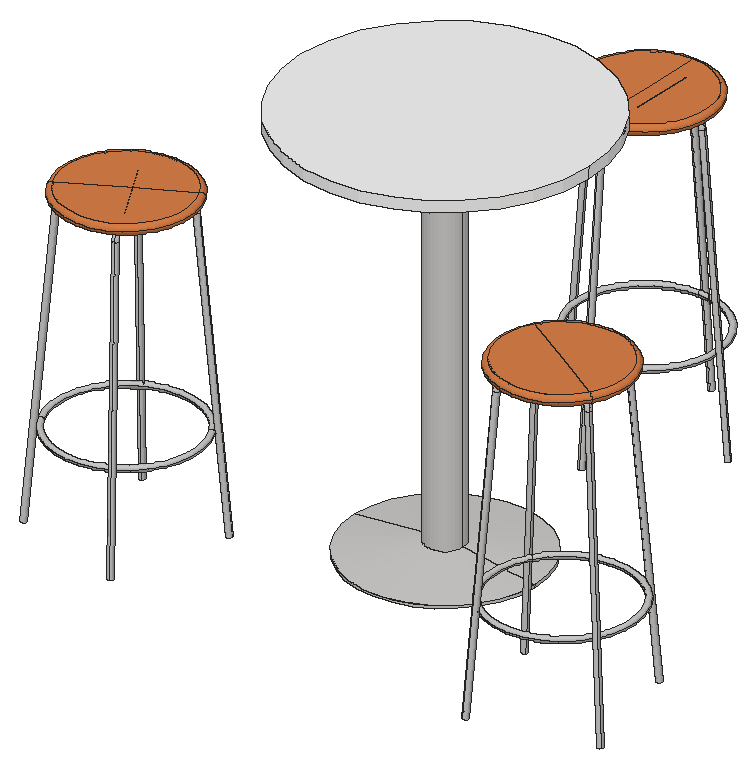
Revit family "Bar Section", category Furniture, Revit 2015
Parameters (values of type "3 Persons")
  Table = Table Bar Round : 40x90cm
  Number of Chairs = 3
  Material Plate [instance] = White Glossy
  Material Chair Seat/Back [instance] = Orange Light
  Material Table Base [instance] = Stainless Steel
  Material Chair Base [instance] = Stainless Steel
  Chair [instance] = Chair Bar 1 : 17.5x85cm
Types (3, lengths in mm): name | Table | Number of Chairs
  (no name) | Table Bar Round : 40x90cm | 3
  3 Persons | Table Bar Round : 40x90cm | 3
  4 Persons | Table Bar Round : 45x90cm | 4
Reference planes
  plane 1 "Center (Front/Back)": y = 0
  plane 2: z = 0
  plane 3 "Center (Left/Right)": x = 0
Dimensions and locks
  aligned and locked: level to plane 2
Nested families
  nested 1: "Table Bar Round" at (0, 0, 0), Material Tabletop <- "Material Plate", Material Legs <- "Material Table Base", type <- "Table", type "40x90cm"
    with Material Tabletop White Glossy, Material Legs Stainless Steel
  nested 2: "Chair Bar 1" at (0, 700, 0), type <- "Chair", Material Seat/Back <- "Material Chair Seat/Back", Material Base <- "Material Chair Base", type "17.5x85cm"
    with Material Seat/Back Orange Light, Material Base Stainless Steel
  nested 3: "Chair Bar 1" at (606.218, -350, 0) x (-0.5, -0.866, 0) z (0, 0, 1), type <- "Chair", Material Seat/Back <- "Material Chair Seat/Back", Material Base <- "Material Chair Base", type "17.5x85cm"
    with Material Seat/Back Orange Light, Material Base Stainless Steel
  nested 4: "Chair Bar 1" at (-606.218, -350, 0) x (-0.5, 0.866, 0) z (0, 0, 1), type <- "Chair", Material Seat/Back <- "Material Chair Seat/Back", Material Base <- "Material Chair Base", type "17.5x85cm"
    with Material Seat/Back Orange Light, Material Base Stainless Steel
Definition of nested family "Table Bar Round"
  Parameters
    Material Tabletop [instance] = none
    Radius Base = 250 mm
    Radius Plate = 400 mm
    Material Legs [instance] = none
    Height = 900 mm
    Assembly Code = ""
  Reference planes
    plane 1 "Center (Front/Back)": y = 0
    plane 2: z = 0
    plane 3 "Center (Left/Right)": x = 0
    plane 4 "Tableheight": z = 900
  Forms (mm)
    Revolve 1, solid, material <- "Material Legs"
      sketch origin (0, 0, 0) x (1, 0, 0) y (0, 0, 1)
        loop
          line (0, 0) -> (0, 1068.59) -> (-250, 1068.59) -> (-250, 1045.222) -> (-50, 1045.222) -> (-50, 30) -> (-250, 7.034) -> (-250, 0) -> (0, 0)
        axis (0, 1068.59) -> (0, 0)
      angle from 0 to 360
    Extrusion 2, solid, material <- "Material Tabletop"
      sketch origin (48.853, -30.184, 1100) x (-1, 0, 0) y (0, -1, 0)
        loop
          circle (48.853, -30.184) r 400
      from 0 to -30
  Dimensions and locks
    "Height": plane 4 "Tableheight" to level
    "Radius Base": Revolve 1 sketch curve to Revolve 1 sketch curve
    "Radius Base": plane 3 "Center (Left/Right)" to Revolve 1 sketch curve
    "Radius Plate": radius of Extrusion 2 sketch curve
  Automatic sketch dimensions
    Revolve 1 sketch curve to level = 0 mm
    Revolve 1 sketch curve to plane 3 "Center (Left/Right)" = 0 mm  (x2)
    Revolve 1 sketch curve to plane 3 "Center (Left/Right)" = 50 mm
    level to Revolve 1 sketch curve = 7.034 mm
    level to Revolve 1 sketch curve = 30 mm
    plane 4 "Tableheight" to Revolve 1 sketch curve = 145.222 mm
    Revolve 1 sketch curve to Revolve 1 sketch curve = 23.369 mm
    Revolve 1 sketch curve to Revolve 1 sketch curve = 180 mm
    Revolve 1 sketch curve to Revolve 1 sketch curve = 28.59 mm
    plane 1 "Center (Front/Back)" to Extrusion 2 sketch curve = 0 mm
    Extrusion 2 sketch curve to plane 3 "Center (Left/Right)" = 0 mm
Definition of nested family "Chair Bar 1"
  Parameters
    Material Seat/Back [instance] = none
    Material Base [instance] = none
    Keynote = ""
    Assembly Code = ""
    Height = 850 mm
    Radius = 175 mm
  Reference planes
    plane 1 "Center F/B": y = 0
    plane 2: z = 0
    plane 3 "Center L/R": x = 0
    plane 4: z = 850
    plane 5: z = 254
  Forms (mm)
    Sweep 1, solid, material <- "Material Base"
      path origin (0, 0, 0) x (1, 0, 0) y (0, 0, 1)
        loop
          line (225.733, 0) -> (154.429, 801.414)
          arc (154.429, 801.414) -> (146.285, 817.927) -> (129.125, 824.6) r 25.4
          line (129.125, 824.6) -> (-129.125, 824.6)
          arc (-129.125, 824.6) -> (-146.285, 817.927) -> (-154.429, 801.414) r 25.4
          line (-154.429, 801.414) -> (-225.733, 0)
      profile origin (0, 0, 0) x (0, 0, -1) y (0, -1, 0)
        loop
          circle (-824.6, 0) r 7.5
    Sweep 2, solid, material <- "Material Base"
      path origin (0, 0, 0) x (0, 1, 0) y (0, 0, 1)
        loop
          line (-225.733, 0) -> (-154.429, 801.414)
          arc (-154.429, 801.414) -> (-146.285, 817.927) -> (-129.125, 824.6) r 25.4
          line (-129.125, 824.6) -> (129.125, 824.6)
          arc (129.125, 824.6) -> (146.285, 817.927) -> (154.429, 801.414) r 25.4
          line (154.429, 801.414) -> (225.733, 0)
      profile origin (0, 0, 0) x (0, 0, 1) y (1, 0, 0)
        loop
          circle (824.6, 0) r 7.5
    Revolve 3, solid, material <- "Material Seat/Back"
      sketch origin (0, 0, 0) x (0, 1, 0) y (0, 0, 1)
        loop
          line (0, 850) -> (0, 824.6) -> (162.3, 824.6)
          arc (162.3, 824.6) -> (171.28, 828.32) -> (175, 837.3) r 12.7
          arc (175, 837.3) -> (171.28, 846.28) -> (162.3, 850) r 12.7
          line (162.3, 850) -> (0, 850)
        axis (0, 824.6) -> (0, 850)
      angle from 0 to 360
    Sweep 4, solid, material <- "Material Base"
      path origin (0, 0, 254) x (0, -1, 0) y (1, 0, 0)
        loop
          circle (0, 0) r 209.918
      profile origin (0, 0, 254) x (-1, 0, 0) y (0, 0, 1)
        loop
          circle (188.053, 0) r 7.5
  Lines and regions (mm)
    symbolic lines
      curve 1: line (15.875, 226.487, 0) -> (15.875, 202.952, 0)
      curve 2: line (-15.875, 226.487, 0) -> (-15.875, 202.952, 0)
      curve 3: arc (-15.875, 226.487, 0) -> (0, 242.362, 0) -> (15.875, 226.487, 0) r 15.875
      curve 4: line (-226.487, 15.875, 0) -> (-202.952, 15.875, 0)
      curve 5: line (-226.487, -15.875, 0) -> (-202.952, -15.875, 0)
      curve 6: line (-15.875, -226.487, 0) -> (-15.875, -202.952, 0)
      curve 7: line (15.875, -226.487, 0) -> (15.875, -202.952, 0)
      curve 8: line (226.487, -15.875, 0) -> (202.952, -15.875, 0)
      curve 9: line (226.487, 15.875, 0) -> (202.952, 15.875, 0)
      curve 10: arc (-226.487, 15.875, 0) -> (-242.362, 0, 0) -> (-226.487, -15.875, 0) r 15.875
      curve 11: arc (226.487, 15.875, 0) -> (242.362, 0, 0) -> (226.487, -15.875, 0) r 15.875
      curve 12: arc (-15.875, -226.487, 0) -> (0, -242.362, 0) -> (15.875, -226.487, 0) r 15.875
  Dimensions and locks
    "Height": plane 4 to plane 2
    "Radius": plane 1 "Center F/B" to Revolve 3 sketch curve
    locked: Revolve 3 sketch curve to Revolve 3 sketch curve at 12.7
  Automatic sketch dimensions
    Sweep 1 sketch curve to level = 0 mm  (x2)
    Sweep 1 sketch curve to plane 3 "Center L/R" = 225.733 mm
    plane 4 to Sweep 1 sketch curve = 48.586 mm
    Sweep 1 sketch curve to plane 3 "Center L/R" = 154.429 mm
    plane 4 to Sweep 1 sketch curve = 25.4 mm
    Sweep 1 sketch curve to Sweep 1 sketch curve = 25.303 mm  (x2)
    plane 3 "Center L/R" to Sweep 1 sketch curve = 129.125 mm
    plane 3 "Center L/R" to Sweep 1 sketch curve = 225.733 mm
    Sweep 1 sketch curve to Sweep 1 sketch curve = 25.4 mm
    Sweep 2 sketch curve to level = 0 mm  (x2)
    plane 1 "Center F/B" to Sweep 2 sketch curve = 225.733 mm
    plane 4 to Sweep 2 sketch curve = 48.586 mm  (x2)
    plane 1 "Center F/B" to Sweep 2 sketch curve = 154.429 mm
    Sweep 2 sketch curve to Sweep 2 sketch curve = 25.303 mm  (x2)
    Sweep 2 sketch curve to plane 1 "Center F/B" = 129.125 mm
    Sweep 2 sketch curve to plane 1 "Center F/B" = 225.733 mm
    Sweep 2 sketch curve to Sweep 2 sketch curve = 2.214 mm
    Revolve 3 sketch curve to plane 1 "Center F/B" = 0 mm  (x2)
    Revolve 3 sketch curve to plane 4 = 0 mm
    Revolve 3 sketch curve to Revolve 3 sketch curve = 0 mm
    Revolve 3 sketch curve to plane 4 = 50.8 mm
    Revolve 3 sketch curve to Revolve 3 sketch curve = 50.8 mm
    Sweep 4 sketch curve to plane 3 "Center L/R" = 0 mm
    Sweep 4 sketch curve to plane 1 "Center F/B" = 0 mm
    Sweep 4 sketch curve to Sweep 4 sketch curve = 209.918 mm
    curve 10 to plane 1 "Center F/B" = 0 mm
    curve 3 to plane 3 "Center L/R" = 0 mm
    curve 12 to plane 3 "Center L/R" = 0 mm
    curve 11 to plane 1 "Center F/B" = 0 mm
    curve 12 to curve 12 = 15.875 mm
    curve 2 to plane 3 "Center L/R" = 15.875 mm
    curve 4 to plane 1 "Center F/B" = 15.875 mm
    curve 4 to plane 3 "Center L/R" = 202.952 mm
    curve 5 to curve 5 = 23.535 mm
    curve 9 to plane 1 "Center F/B" = 15.875 mm
    curve 8 to curve 11 = 23.535 mm
    curve 12 to curve 6 = 23.535 mm
    curve 2 to curve 3 = 23.535 mm
    curve 10 to curve 4 = 23.535 mm
    plane 3 "Center L/R" to curve 8 = 202.952 mm
    curve 9 to curve 9 = 23.535 mm
    plane 1 "Center F/B" to curve 7 = 202.952 mm
    curve 6 to curve 7 = 0 mm
    curve 1 to plane 1 "Center F/B" = 202.952 mm
    curve 2 to curve 1 = 0 mm
    Sweep 1 sketch curve to plane 1 "Center F/B" = 0 mm
    Sweep 1 sketch curve to profile plane = 0 mm
    Sweep 4 sketch curve to plane 5 = 0 mm
    profile plane to Sweep 4 sketch curve = 21.866 mm
    Sweep 2 sketch curve to plane 3 "Center L/R" = 0 mm
    Sweep 2 sketch curve to profile plane = 0 mm
    radius of Sweep 1 sketch curve = 7.5 mm
    radius of Sweep 4 sketch curve = 7.5 mm
    radius of Sweep 2 sketch curve = 7.5 mm
